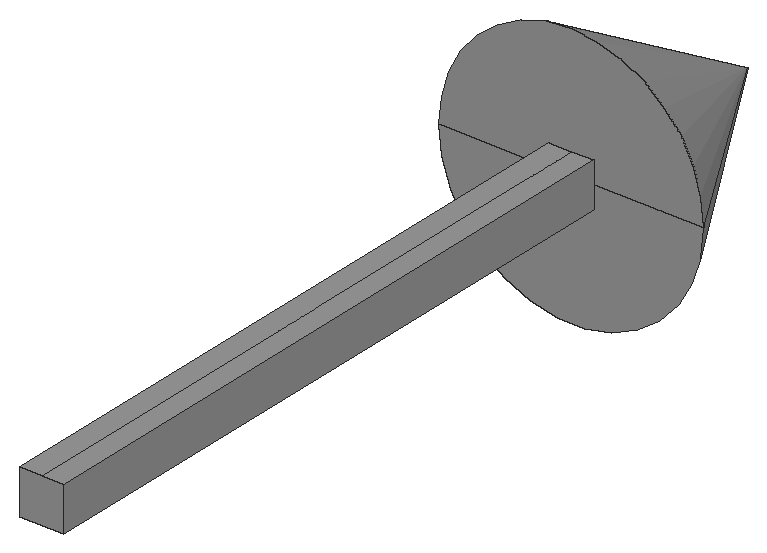
Revit family "Y axis", category Modelli generici, Revit 2025
Family settings
  Può ospitare armatura = No
  Quota connettore circolare = Usa diametro
  Tipo di parte = Normale
  Basato su piano di lavoro = No
  Sempre verticale = No
  Taglio con vuoti quando caricato = No
  Mantieni orientamento annotazione = No
  Condiviso = No
  Punto di calcolo locali = No
Parameters
  Prospetto di default = 0 mm
  CylinderRadius [instance] = Arrowlength / 30  # 50 mm
  Arrowtip [instance] = Arrowlength / 3  # 500 mm
  Arrowradius [instance] = Arrowlength / 5  # 300 mm
  Arrowlength [instance] = 1500 mm
Reference planes
  plane 1 "Centro (Fronte/Retro)": x = 0
  plane 2: z = 0
  plane 3 "ArrowBase": y = 0
  plane 4 "ArrowTip": y = 1500
  plane 5: y = 1500
  plane 6 "Cone": y = 2000
  plane 7 "Tip radius": x = -300
Forms (mm)
  Extrusion 1, solid, material "Y axis"
    sketch origin (0, 0, 0) x (-1, 0, 0) y (0, 0, 1)
      loop
        line (0, 50) -> (-50, 50) -> (-50, -50) -> (50, -50) -> (50, 50) -> (0, 50)
    from 0 to 1500
  Revolve 2, solid, material "Y axis"
    sketch origin (0, 0, 0) x (0, 1, 0) y (-1, 0, 0)
      loop
        line (1500, 0) -> (2000, 0) -> (1500, 300) -> (1500, 0)
      axis (2000, 0) -> (1500, 0)
    angle from 0 to 360
Cuts and joins
  joined: Extrusion 1, Revolve 2
Dimensions and locks
  "Arrowtip": plane 4 "ArrowTip" to plane 6 "Cone"
  "Arrowlength": plane 3 "ArrowBase" to plane 4 "ArrowTip"
  "Arrowradius": plane 1 "Centro (Fronte/Retro)" to plane 7 "Tip radius"
  "CylinderRadius": cut or joined group of Extrusion 1, Revolve 2 to level
  "CylinderRadius": cut or joined group of Extrusion 1, Revolve 2 to plane 1 "Centro (Fronte/Retro)"  (x2)
  "CylinderRadius": level to cut or joined group of Extrusion 1, Revolve 2
  aligned and locked: level to plane 2
  aligned and locked: plane 4 "ArrowTip" to Extrusion 1
Automatic sketch dimensions
  Revolve 2 sketch curve to plane 1 "Centro (Fronte/Retro)" = 0 mm  (x2)
  Revolve 2 sketch curve to plane 3 "ArrowBase" = 0 mm
  plane 4 "ArrowTip" to Revolve 2 sketch curve = 0 mm  (x2)
  plane 6 "Cone" to Revolve 2 sketch curve = 0 mm
  Revolve 2 sketch curve to plane 7 "Tip radius" = 0 mm
  Extrusion 1 sketch curve to plane 1 "Centro (Fronte/Retro)" = 0 mm
  plane 1 "Centro (Fronte/Retro)" to Extrusion 1 sketch curve = 50 mm
  Extrusion 1 sketch curve to plane 1 "Centro (Fronte/Retro)" = 50 mm
  Extrusion 1 sketch curve to level = 50 mm
  level to Extrusion 1 sketch curve = 50 mm
